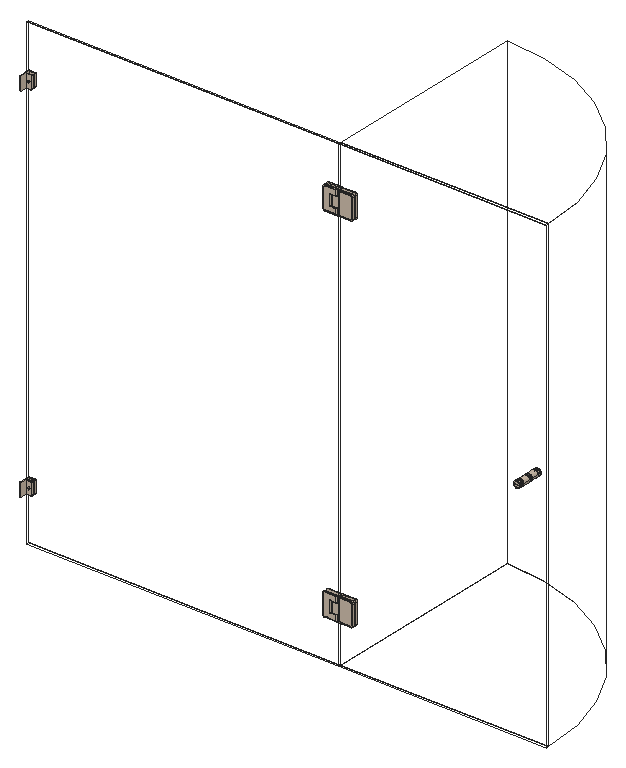
Revit family "Hardware_Glass_Nero", category Specialty Equipment, Revit 2020 (continued)
Definition of nested family "Bracket_Wall_Nero_10mmGlass_Shower_U"
  Types (9, lengths in mm): name | Type Comments | Model | ManufacturerURLProductSpecific | ManufacturerSpecCode
    Gun Metal (NRSH203aGM) | "Bracket - Wall - Shower - U - Gun Metal" | "NRSH203aGM" | "https://nerotapware.com.au/product/shower-u-bracket-10mm-glass-gun-metal-nrsh203agm/" | "NRSH203aGM"
    Brushed Nickel (NRSH203aBN) | "Bracket - Wall - Shower - U - Brushed Nickel" | "NRSH203aBN" | "https://nerotapware.com.au/product/shower-u-bracket-10mm-glass-brushed-nickel-nrsh203abn/" | "NRSH203aBN"
    Matte Black (NRSH203aMB) | "Bracket - Wall - Shower - U - Matte Black" | "NRSH203aMB" | "https://nerotapware.com.au/product/shower-u-bracket-10mm-glass-brushed-nickel-nrsh203abn/" | "NRSH203aMB"
  Reference planes
    plane 1 "Ref. Level": z = 0
    plane 2 "Front": y = 128.75
    plane 3 "Back": y = 152.75
    plane 4 "Bottom": z = 875
    plane 5 "Top": z = 925
    plane 6 "Right": x = 20
    plane 7 "Left": x = 0
    plane 8 "Center (Left/Right)": x = 10
    plane 9 "PanelEnd": y = 149.75
    plane 10 "Center (Elevation)": z = 900
  Forms (mm)
    Extrusion 1, solid, material <- "BodyMaterial"
      sketch origin (0, 0, 925) x (0, -1, 0) y (1, 0, 0)
        loop
          line (-152.75, 20) -> (-152.75, 0) -> (-128.75, 0) -> (-128.75, 4) -> (-149.75, 4) -> (-149.75, 16) -> (-128.75, 16) -> (-128.75, 20) -> (-152.75, 20)
      from 0 to -50
    Extrusion 2, void
      sketch origin (-900, 157.75, 900) x (0, 0, -1) y (-1, 0, 0)
        loop
          circle (0, -910) r 4.5
      from -10.453 to -4.5
    Extrusion 3, void
      sketch origin (0, 0, 900) x (0, 0, -1) y (0, -1, 0)
        loop
          circle (0, -138.75) r 4.5
      from -5 to 5
    Extrusion 4, void
      sketch origin (20, 0, 0) x (0, -1, 0) y (0, 0, -1)
        loop
          line (-132, -925) -> (-128.75, -925) -> (-128.75, -921.75)
          arc (-128.75, -921.75) -> (-129.702, -924.048) -> (-132, -925) r 3.25
        loop
          line (-128.75, -875) -> (-132, -875)
          arc (-132, -875) -> (-129.702, -875.952) -> (-128.75, -878.25) r 3.25
          line (-128.75, -878.25) -> (-128.75, -875)
      from -23 to 2
  Cuts and joins
    Extrusion 2, Extrusion 3, Extrusion 4 cuts Extrusion 1
  Lines and regions (mm)
    Masking region 1
      outline origin (0, 0, 925) x (0, -1, 0) y (1, 0, 0)
        loop
          line (-152.75, 0) -> (-128.75, 0) -> (-128.75, 4) -> (-149.75, 4) -> (-149.75, 16) -> (-128.75, 16) -> (-128.75, 20) -> (-152.75, 20) -> (-152.75, 0)
  Text (mm)
    text "Disclaimer:\nDue to ongoing product development and manufacturing \nevolution, product details are subject to change without \nnotice. Please refer to product technical data sheets on \nthe manufacturers website for the most current product \ninformation. Please allow a +/- 5mm manufacturing \ntolerance for dimensions and set-outs shown in product \nliterature." at (288.846, 326.243, 0), in view "Ref. Level"
  Dimensions and locks
    "ManufacturerOverallDepth": plane 3 "Back" to plane 2 "Front"
    "ManufacturerOverallHeight": plane 5 "Top" to plane 4 "Bottom"
    "ManufacturerOverallWidth": plane 7 "Left" to plane 6 "Right"
    equal spacing: plane 7 "Left", plane 8 "Center (Left/Right)", plane 6 "Right"
    "ManufacturerHeightFromFFL": plane 10 "Center (Elevation)" to plane 1 "Ref. Level"
    locked: plane 9 "PanelEnd" to plane 3 "Back" at 3
    equal spacing: plane 5 "Top", plane 10 "Center (Elevation)", plane 4 "Bottom"
    aligned and locked: level to plane 1 "Ref. Level"
  Automatic sketch dimensions
    plane 2 "Front" to Extrusion 3 sketch curve = 10 mm
    Extrusion 2 sketch curve to plane 4 "Bottom" = 25 mm
    Extrusion 3 sketch curve to plane 4 "Bottom" = 25 mm
    Extrusion 2 sketch curve to plane 6 "Right" = 10 mm
    Extrusion 4 sketch curve to plane 3 "Back" = 20.75 mm  (x2)
    plane 4 "Bottom" to Extrusion 4 sketch curve = 0 mm  (x2)
    Extrusion 4 sketch curve to plane 2 "Front" = 3.25 mm
    Extrusion 4 sketch curve to Extrusion 4 sketch curve = 0 mm
    Extrusion 4 sketch curve to plane 2 "Front" = 0 mm  (x4)
    Extrusion 4 sketch curve to Extrusion 4 sketch curve = 43.5 mm
    plane 5 "Top" to Extrusion 4 sketch curve = 0 mm  (x2)
    Extrusion 4 sketch curve to Extrusion 4 sketch curve = 3.25 mm
    plane 3 "Back" to Masking region 1 sketch curve = 0 mm
    Masking region 1 sketch curve to plane 2 "Front" = 0 mm  (x2)
    Masking region 1 sketch curve to plane 7 "Left" = 0 mm
    Masking region 1 sketch curve to plane 6 "Right" = 0 mm
    plane 3 "Back" to Masking region 1 sketch curve = 3 mm
    Masking region 1 sketch curve to plane 7 "Left" = 4 mm
    Masking region 1 sketch curve to plane 6 "Right" = 4 mm
    plane 3 "Back" to Extrusion 1 sketch curve = 0 mm
    Extrusion 1 sketch curve to plane 2 "Front" = 0 mm  (x2)
    Extrusion 1 sketch curve to plane 7 "Left" = 0 mm
    Extrusion 1 sketch curve to plane 6 "Right" = 0 mm
    plane 3 "Back" to Extrusion 1 sketch curve = 3 mm
    Extrusion 1 sketch curve to plane 7 "Left" = 4 mm
    Extrusion 1 sketch curve to plane 6 "Right" = 4 mm
    radius of Extrusion 2 sketch curve = 4.5 mm
    radius of Extrusion 3 sketch curve = 4.5 mm
Definition of nested family "Hinge_Wall_Nero_10mmGlass_Shower_90Deg"
  Parameters (values of type "Matte Black (NRSH101aMB)")
    Uniclass2015Version = "Products v1.28"
    Uniclass2015Title = "Hinges and hanging hardware"
    Uniclass2015Code = "Pr_30_36_36"
    URL = "https://nerotapware.com.au/"
    Type Comments = "Hinge - Wall - Shower - 90Deg - Matte Black"
    ModifiedIssue = 20240430  # constant formula
    Model = ManufacturerSpecCode  # "NRSH101aMB"
    Default Elevation = 0 mm
    BodyMaterial [instance] = none
    ManufacturerURLProductSpecific = "https://nerotapware.com.au/product/90-degree-glass-to-wall-shower-hinge-10mm-glass-brushed-nickel-nrsh101abn/"
    ManufacturerSpecCode = "NRSH101aMB"
    ManufacturerOverallWidth = 41 mm  # constant formula
    ManufacturerOverallHeight = 90 mm  # constant formula
    ManufacturerOverallDepth = 63 mm  # constant formula
    ManufacturerHeightFromFFL [instance] = 900 mm
    Manufacturer = "Nero"
    IfcExportType = "NOTDEFINED"
    IfcExportAs = "IfcFurniture"
    Description = "90 Degree Glass to Wall Shower\r\nHinge 10mm Glass"
    CreatedByURL = "https://igsgroup.com.au"
    CreatedBy = "IGS BIM Solutions"  # constant formula
    Assembly Code = "C1030210"
  Types (9, lengths in mm): name | Type Comments | Model | ManufacturerURLProductSpecific | ManufacturerSpecCode
    Gun Metal (NRSH101GM) | "Hinge - Wall - Shower - 90Deg - Gun Metal" | "NRSH101GM" | "https://nerotapware.com.au/product/90-degree-glass-to-wall-shower-hinge-10mm-glass-gm-nrsh101gm/" | "NRSH101GM"
    Brushed Bronze (NRSH101BZ) | "Hinge - Wall - Shower - 90Deg - Brushed Bronze" | "NRSH101BZ" | "https://nerotapware.com.au/product/90-degree-glass-to-wall-shower-hinge-10mm-glass-bz-nrsh101bz/" | "NRSH101BZ"
    Brushed Gold (NRSH101BG) | "Hinge - Wall - Shower - 90Deg - Brushed Gold" | "NRSH101BG" | "https://nerotapware.com.au/product/90-degree-glass-to-wall-shower-hinge-10mm-glass-bg-nrsh101bg/" | "NRSH101BG"
    Chrome (NRSH101aCH) | "Hinge - Wall - Shower - 90Deg - Chrome" | "NRSH101aCH" | "https://nerotapware.com.au/product/90-degree-glass-to-wall-shower-hinge-10mm-glass-chrome-nrsh101ach/" | "NRSH101aCH"
    Brushed Gold (NRSH101aBG) | "Hinge - Wall - Shower - 90Deg - Brushed Gold" | "NRSH101aBG" | "https://nerotapware.com.au/product/90-degree-glass-to-wall-shower-hinge-10mm-glass-chrome-nrsh101ach/" | "NRSH101aBG"
    Brushed Bronze (NRSH101aBZ) | "Hinge - Wall - Shower - 90Deg - Brushed Bronze" | "NRSH101aBZ" | "https://nerotapware.com.au/product/90-degree-glass-to-wall-shower-hinge-10mm-glass-brushed-bronze-nrsh101abz/" | "NRSH101aBZ"
    Gun Metal (NRSH101aGM) | "Hinge - Wall - Shower - 90Deg - Gun Metal" | "NRSH101aGM" | "https://nerotapware.com.au/product/90-degree-glass-to-wall-shower-hinge-10mm-glass-gun-metal-nrsh101agm/\r\nhttps://nerotapware.com.au/product/90-degree-glass-to-wall-shower-hinge-10mm-glass-gun-metal-nrsh101agm/" | "NRSH101aGM"
    Brushed Nickel (NRSH101aBN) | "Hinge - Wall - Shower - 90Deg - Brushed Nickel" | "NRSH101aBN" | "https://nerotapware.com.au/product/90-degree-glass-to-wall-shower-hinge-10mm-glass-brushed-nickel-nrsh101abn/" | "NRSH101aBN"
    Matte Black (NRSH101aMB) | "Hinge - Wall - Shower - 90Deg - Matte Black" | "NRSH101aMB" | "https://nerotapware.com.au/product/90-degree-glass-to-wall-shower-hinge-10mm-glass-brushed-nickel-nrsh101abn/" | "NRSH101aMB"
  Reference planes
    plane 1 "Ref. Level": z = 0
    plane 2 "Back": y = 213.75
    plane 3 "Front": y = 150.75
    plane 4 "Left": x = 12
    plane 5 "Right": x = 53
    plane 6 "Bottom": z = 855
    plane 7 "Top": z = 945
    plane 8 "Center (Elevation)": z = 900
    plane 9 "PanelCenter": x = 42
    plane 10 "BackOffset": y = 210.75
  Forms (mm)
    Extrusion 1, solid, material <- "BodyMaterial"
      sketch origin (31, 0, 931) x (0, 0, -1) y (0, -1, 0)
        loop
          line (-14, -213.75) -> (76, -213.75) -> (76, -210.75) -> (-14, -210.75) -> (-14, -213.75)
      from -20 to 19
    Sweep 2, solid, material <- "BodyMaterial"
      path origin (31, 0, 931) x (0, 0, -1) y (0, -1, 0)
        loop
          line (9, -202.25) -> (-10.5, -202.25) -> (-10.5, -158.25)
          arc (-10.5, -158.25) -> (-9.328, -155.422) -> (-6.5, -154.25) r 4
          line (-6.5, -154.25) -> (68.5, -154.25)
          arc (68.5, -154.25) -> (71.328, -155.422) -> (72.5, -158.25) r 4
          line (72.5, -158.25) -> (72.5, -202.25) -> (53, -202.25)
      profile origin (31, 202.25, 931.75) x (0, 1, 0) y (-1, 0, 0)
        loop
          line (0, -22) -> (3.5, -20) -> (3.5, -17) -> (-1, -17) -> (-1, -22) -> (0, -22)
        loop
          line (0, 0) -> (0, -5) -> (3.5, -5) -> (3.5, -2) -> (0, 0)
    Extrusion 3, solid, material <- "BodyMaterial"
      sketch origin (31, 0, 931) x (0, 0, -1) y (0, -1, 0)
        loop
          line (68.5, -154.25) -> (-6.5, -154.25)
          arc (-6.5, -154.25) -> (-9.328, -155.422) -> (-10.5, -158.25) r 4
          line (-10.5, -158.25) -> (-10.5, -202.25) -> (9, -202.25) -> (9, -176.75) -> (53, -176.75) -> (53, -202.25) -> (72.5, -202.25) -> (72.5, -158.25)
          arc (72.5, -158.25) -> (71.328, -155.422) -> (68.5, -154.25) r 4
      from -6 to 0
    Extrusion 4, solid, material <- "BodyMaterial"
      sketch origin (31, 0, 931) x (0, 0, -1) y (0, -1, 0)
        loop
          line (68.5, -154.25) -> (-6.5, -154.25)
          arc (-6.5, -154.25) -> (-9.328, -155.422) -> (-10.5, -158.25) r 4
          line (-10.5, -158.25) -> (-10.5, -202.25) -> (9, -202.25) -> (9, -176.75) -> (53, -176.75) -> (53, -202.25) -> (72.5, -202.25) -> (72.5, -158.25)
          arc (72.5, -158.25) -> (71.328, -155.422) -> (68.5, -154.25) r 4
      from -22 to -17
    Extrusion 5, solid, material <- "BodyMaterial"
      sketch origin (0, 0, 855) x (0, -1, 0) y (1, 0, 0)
        loop
          line (-210.75, 50) -> (-210.75, 35) -> (-185.749, 35)
          arc (-185.749, 35) -> (-178.249, 42.5) -> (-185.749, 50) r 7.5
          line (-185.749, 50) -> (-210.75, 50)
        loop
          circle (-185.749, 42.5) r 6
      from 24 to 66
    Extrusion 6, solid, material <- "BodyMaterial"
      sketch origin (31, 0, 0) x (0, 1, 0) y (0, 0, 1)
        loop
          line (202.25, 927.9) -> (188.55, 927.9) -> (188.55, 922) -> (202.25, 922) -> (202.25, 927.9)
        loop
          line (176.75, 922) -> (182.75, 922) -> (182.75, 927.9) -> (169, 927.9)
          arc (169, 927.9) -> (166.702, 926.948) -> (165.75, 924.65) r 3.25
          line (165.75, 924.65) -> (165.75, 875.35)
          arc (165.75, 875.35) -> (166.702, 873.052) -> (169, 872.1) r 3.25
          line (169, 872.1) -> (182.75, 872.1) -> (182.75, 878) -> (176.75, 878) -> (176.75, 922)
        loop
          line (202.25, 872.1) -> (202.25, 878) -> (188.55, 878) -> (188.55, 872.1) -> (202.25, 872.1)
      from 7 to 17
  Cuts and joins
    joined: Sweep 2, Extrusion 3, Extrusion 4
  Lines and regions (mm)
    Masking region 1
      outline origin (0, 0, 945) x (0, -1, 0) y (1, 0, 0)
        loop
          line (-213.75, 12) -> (-210.75, 12) -> (-210.75, 35) -> (-205.75, 35) -> (-205.75, 33) -> (-202.25, 31) -> (-154.25, 31) -> (-150.75, 33) -> (-150.75, 36) -> (-154.25, 36) -> (-154.25, 37) -> (-180.65, 37)
          arc (-180.65, 37) -> (-180.177, 37.48) -> (-179.749, 38) r 7.5
          line (-179.749, 38) -> (-165.75, 38) -> (-165.75, 48) -> (-150.75, 48) -> (-150.75, 51) -> (-154.25, 53) -> (-202.25, 53) -> (-205.75, 51) -> (-205.75, 50) -> (-210.75, 50) -> (-210.75, 51) -> (-213.75, 51) -> (-213.75, 12)
        loop
          line (-181.78, 38) -> (-182.75, 38) -> (-182.75, 48) -> (-188.55, 48) -> (-188.55, 38) -> (-189.717, 38)
          arc (-189.717, 38) -> (-188.971, 37.439) -> (-188.147, 37) r 6
          line (-188.147, 37) -> (-183.351, 37)
          arc (-183.351, 37) -> (-182.527, 37.439) -> (-181.78, 38) r 6
    symbolic lines, detail levels medium+fine
      curve 1: line (33, 205.75, 945) -> (33, 150.75, 945)
      curve 2: line (36, 205.75, 945) -> (35, 205.75, 945)
      curve 3: line (36, 205.75, 945) -> (36, 154.25, 945)
      curve 4: line (37, 202.25, 945) -> (36, 202.25, 945)
      curve 5: line (37, 202.25, 945) -> (37, 188.147, 945)
      curve 6: line (38, 188.55, 945) -> (38, 202.25, 945)
      curve 7: line (38, 202.25, 945) -> (48, 202.25, 945)
      curve 8: line (50, 205.75, 945) -> (48, 205.75, 945)
      curve 9: line (48, 202.25, 945) -> (48, 205.75, 945)
      curve 10: line (48, 188.55, 945) -> (48, 202.25, 945)
      curve 11: line (48, 165.75, 945) -> (48, 182.75, 945)
      curve 12: line (35, 210.75, 945) -> (50, 210.75, 945)
      curve 13: line (37, 180.65, 945) -> (37, 183.351, 945)
      curve 14: line (38, 181.78, 945) -> (38, 179.749, 945)
  Text (mm)
    text "Disclaimer:\nDue to ongoing product development and manufacturing \nevolution, product details are subject to change without \nnotice. Please refer to product technical data sheets on \nthe manufacturers website for the most current product \ninformation. Please allow a +/- 5mm manufacturing \ntolerance for dimensions and set-outs shown in product \nliterature." at (325.741, 347.145, 0), in view "Ref. Level"
  Dimensions and locks
    "ManufacturerOverallDepth": plane 3 "Front" to plane 2 "Back"
    "ManufacturerOverallWidth": plane 4 "Left" to plane 5 "Right"
    "ManufacturerOverallHeight": plane 7 "Top" to plane 6 "Bottom"
    "ManufacturerHeightFromFFL": plane 8 "Center (Elevation)" to plane 1 "Ref. Level"
    equal spacing: plane 7 "Top", plane 8 "Center (Elevation)", plane 6 "Bottom"
    plane 9 "PanelCenter" to plane 5 "Right" = 11 mm
    aligned and locked: level to plane 1 "Ref. Level"
  Automatic sketch dimensions
    profile plane to Sweep 2 sketch curve = 0 mm  (x2)
    Sweep 2 sketch curve to profile plane = 0 mm
    profile plane to Sweep 2 sketch curve = 1 mm
    Sweep 2 sketch curve to profile plane = 3.5 mm  (x2)
    Sweep 2 sketch curve to profile plane = 2 mm
    Sweep 2 sketch curve to Sweep 2 sketch curve = 3 mm  (x2)
    Sweep 2 sketch curve to Sweep 2 sketch curve = 12 mm
    Sweep 2 sketch curve to Sweep 2 sketch curve = 2 mm
    plane 3 "Front" to Extrusion 3 sketch curve = 3.5 mm
    Extrusion 3 sketch curve to Extrusion 3 sketch curve = 15.5 mm  (x2)
    Extrusion 3 sketch curve to Extrusion 3 sketch curve = 19.5 mm  (x2)
    Extrusion 3 sketch curve to Extrusion 3 sketch curve = 18.5 mm
    plane 2 "Back" to Extrusion 3 sketch curve = 11.5 mm  (x2)
    plane 3 "Front" to Extrusion 4 sketch curve = 3.5 mm
    Extrusion 4 sketch curve to Extrusion 4 sketch curve = 15.5 mm  (x2)
    Extrusion 4 sketch curve to Extrusion 4 sketch curve = 18.5 mm  (x2)
    plane 2 "Back" to Extrusion 4 sketch curve = 11.5 mm  (x2)
    plane 3 "Front" to Sweep 2 sketch curve = 7.5 mm  (x2)
    Sweep 2 sketch curve to Sweep 2 sketch curve = 4 mm
    plane 2 "Back" to Sweep 2 sketch curve = 11.5 mm  (x2)
    Sweep 2 sketch curve to Sweep 2 sketch curve = 19.5 mm  (x2)
    Extrusion 1 sketch curve to plane 2 "Back" = 0 mm
    plane 2 "Back" to Extrusion 1 sketch curve = 3 mm
    plane 3 "Front" to Extrusion 6 sketch curve = 15 mm
    Extrusion 6 sketch curve to Extrusion 6 sketch curve = 3.25 mm  (x2)
    Extrusion 6 sketch curve to Extrusion 6 sketch curve = 7.75 mm
    Extrusion 6 sketch curve to Extrusion 6 sketch curve = 6 mm  (x2)
    Extrusion 6 sketch curve to Extrusion 6 sketch curve = 5.8 mm  (x2)
    plane 2 "Back" to Extrusion 6 sketch curve = 11.5 mm  (x2)
    Extrusion 6 sketch curve to Extrusion 6 sketch curve = 0 mm  (x2)
    Extrusion 6 sketch curve to Extrusion 6 sketch curve = 5.9 mm  (x2)
    Extrusion 6 sketch curve to Extrusion 6 sketch curve = 2.65 mm  (x2)
    Extrusion 4 sketch curve to Extrusion 4 sketch curve = 19.5 mm
    plane 7 "Top" to Extrusion 1 sketch curve = 0 mm
    plane 6 "Bottom" to Extrusion 1 sketch curve = 0 mm
    plane 7 "Top" to Sweep 2 sketch curve = 3.5 mm
    Sweep 2 sketch curve to plane 6 "Bottom" = 7.5 mm
    plane 7 "Top" to Extrusion 3 sketch curve = 3.5 mm
    Extrusion 3 sketch curve to plane 6 "Bottom" = 23 mm
    plane 7 "Top" to Extrusion 4 sketch curve = 3.5 mm
    Extrusion 4 sketch curve to plane 6 "Bottom" = 23 mm
    Extrusion 6 sketch curve to plane 6 "Bottom" = 17.1 mm
    plane 7 "Top" to Extrusion 6 sketch curve = 23 mm
    Extrusion 5 sketch curve to Extrusion 5 sketch curve = 0 mm  (x3)
    plane 2 "Back" to Extrusion 5 sketch curve = 3 mm
    Extrusion 5 sketch curve to Extrusion 5 sketch curve = 25.001 mm
    Extrusion 5 sketch curve to Extrusion 5 sketch curve = 7.5 mm
    Masking region 1 sketch curve to Masking region 1 sketch curve = 0 mm  (x7)
    plane 2 "Back" to Masking region 1 sketch curve = 0 mm
    Masking region 1 sketch curve to plane 4 "Left" = 0 mm
    Masking region 1 sketch curve to plane 5 "Right" = 0 mm
    Masking region 1 sketch curve to plane 3 "Front" = 0 mm  (x2)
    plane 2 "Back" to Masking region 1 sketch curve = 3 mm  (x2)
    Masking region 1 sketch curve to Masking region 1 sketch curve = 5 mm  (x2)
    Masking region 1 sketch curve to Masking region 1 sketch curve = 3.5 mm  (x2)
    Masking region 1 sketch curve to Masking region 1 sketch curve = 12.533 mm
    Masking region 1 sketch curve to plane 5 "Right" = 5 mm  (x2)
    Masking region 1 sketch curve to Masking region 1 sketch curve = 1.167 mm
    Masking region 1 sketch curve to Masking region 1 sketch curve = 0.403 mm
    Masking region 1 sketch curve to Masking region 1 sketch curve = 2.801 mm
    Masking region 1 sketch curve to Masking region 1 sketch curve = 4.796 mm
    Masking region 1 sketch curve to Masking region 1 sketch curve = 5.8 mm
    Masking region 1 sketch curve to Masking region 1 sketch curve = 0.97 mm
    Masking region 1 sketch curve to Masking region 1 sketch curve = 1.13 mm
    Masking region 1 sketch curve to Masking region 1 sketch curve = 0.901 mm
    Masking region 1 sketch curve to Masking region 1 sketch curve = 13.999 mm
    plane 3 "Front" to Masking region 1 sketch curve = 3.5 mm  (x3)
    Masking region 1 sketch curve to Masking region 1 sketch curve = 2 mm  (x3)
    Masking region 1 sketch curve to Masking region 1 sketch curve = 3 mm
    Masking region 1 sketch curve to Masking region 1 sketch curve = 1 mm  (x2)
    Masking region 1 sketch curve to plane 5 "Right" = 3 mm
    Masking region 1 sketch curve to plane 5 "Right" = 2 mm  (x2)
    curve 1 to plane 3 "Front" = 0 mm
    curve 9 to plane 5 "Right" = 5 mm
    plane 2 "Back" to curve 9 = 11.5 mm
    curve 4 to curve 6 = 0 mm
    curve 8 to curve 7 = 3.5 mm
    curve 2 to curve 4 = 3.5 mm
    curve 4 to curve 6 = 1 mm
    curve 3 to curve 4 = 1 mm
    plane 3 "Front" to curve 3 = 3.5 mm
    curve 11 to plane 5 "Right" = 5 mm
    plane 3 "Front" to curve 11 = 15 mm
    curve 14 to curve 11 = 13.999 mm
    curve 13 to curve 14 = 0.901 mm
    curve 14 to curve 13 = 1.13 mm
    curve 11 to curve 14 = 0.97 mm
    curve 13 to curve 14 = 1.571 mm
    curve 5 to curve 13 = 4.796 mm
    curve 6 to curve 5 = 0.403 mm
    curve 10 to curve 11 = 5.8 mm
    curve 1 to curve 2 = 0 mm
    plane 2 "Back" to curve 12 = 3 mm
    curve 13 to curve 14 = 1 mm
    curve 2 to curve 2 = 1 mm
    curve 12 to plane 5 "Right" = 3 mm
    curve 8 to curve 8 = 2 mm
    Extrusion 5 sketch curve to plane 9 "PanelCenter" = 7 mm
    Masking region 1 sketch curve to plane 9 "PanelCenter" = 11 mm
    Masking region 1 sketch curve to plane 9 "PanelCenter" = 5 mm  (x2)
    curve 6 to plane 9 "PanelCenter" = 4 mm
    curve 14 to plane 9 "PanelCenter" = 4 mm
    curve 12 to curve 2 = 0 mm
    curve 1 to curve 2 = 2 mm
    radius of Extrusion 5 sketch curve = 6 mm
Definition of nested family "Knob_Shower_Nero"
  Parameters (values of type "Chrome (NRSH301aCH)")
    Uniclass2015Version = "Products v1.28"
    Uniclass2015Title = "Knobs"
    Uniclass2015Code = "Pr_30_36_59_45"
    URL = "https://nerotapware.com.au/"
    Type Comments = "Knob - Shower - Chrome"
    ModifiedIssue = 20240430
    Model = ManufacturerSpecCode  # "NRSH301aCH\r\nNRSH301aCH"
    Default Elevation = 0 mm
    BodyMaterial [instance] = none
    ManufacturerURLProductSpecific = "https://nerotapware.com.au/product/round-shower-knob-chrome-nrsh301ach/"
    ManufacturerSpecCode = "NRSH301aCH\r\nNRSH301aCH"
    ManufacturerOverallWidth = 25 mm  # constant formula
    ManufacturerOverallHeight = 25 mm  # constant formula
    ManufacturerOverallDepth = 98 mm  # constant formula
    ManufacturerHeightFromFFL [instance] = 900 mm
    Manufacturer = "Nero"
    IfcExportType = "NOTDEFINED"
    IfcExportAs = "IfcFurniture"
    Description = "Round Shower Knob"
    CreatedByURL = "https://igsgroup.com.au"
    CreatedBy = "IGS BIM Solutions"  # constant formula
    Assembly Code = "C1030210"
  Types (9, lengths in mm): name | Uniclass2015Code | Type Comments | Model | ManufacturerURLProductSpecific | ManufacturerSpecCode
    Gun Metal (NRSH301GM) | "Pr_30_36_59_47" | "Knob - Shower - Gun Metal" | "NRSH301GM" | "https://nerotapware.com.au/product/round-shower-knob-gm-nrsh301gm/" | "NRSH301GM"
    Brushed Bronze (NRSH301BZ) | "Pr_30_36_59_46" | "Knob - Shower - Brushed Bronze" | "NRSH301BZ" | "https://nerotapware.com.au/product/round-shower-knob-bz-nrsh301bz/" | "NRSH301BZ"
    Brushed Gold (NRSH301BG) | "Pr_30_36_59_45" | "Knob - Shower - Brushed Gold" | "NRSH301BG" | "https://nerotapware.com.au/product/round-shower-knob-bg-nrsh301bg/" | "NRSH301BG"
    Chrome (NRSH301aCH) | "Pr_30_36_59_45" | "Knob - Shower - Chrome" | "NRSH301aCH\r\nNRSH301aCH" | "https://nerotapware.com.au/product/round-shower-knob-chrome-nrsh301ach/" | "NRSH301aCH\r\nNRSH301aCH"
    Brushed Gold (NRSH301aBG) | "Pr_30_36_59_45" | "Knob - Shower - Brushed Gold" | "NRSH301aBG" | "https://nerotapware.com.au/product/round-shower-knob-brushed-gold-nrsh301abg/" | "NRSH301aBG"
    Brushed Bronze (NRSH301aBZ) | "Pr_30_36_59_45" | "Knob - Shower - Brushed Bronze" | "NRSH301aBZ" | "https://nerotapware.com.au/product/round-shower-knob-brushed-bronze-nrsh301abz/" | "NRSH301aBZ"
    Gun Metal (NRSH301aGM) | "Pr_30_36_59_45" | "Knob - Shower - Gun Metal" | "NRSH301aGM" | "https://nerotapware.com.au/product/round-shower-knob-gun-metal-nrsh301agm/" | "NRSH301aGM"
    Matte Black (NRSH301aMB) | "Pr_30_36_59_45" | "Knob - Shower - Matte Black" | "NRSH301aMB" | "https://nerotapware.com.au/product/round-shower-knob-brushed-nickel-nrsh301abn/" | "NRSH301aMB"
    Brushed Nickel (NRSH301aBN) | "Pr_30_36_59_45" | "Knob - Shower - Brushed Nickel" | "NRSH301aBN" | "https://nerotapware.com.au/product/round-shower-knob-brushed-nickel-nrsh301abn/" | "NRSH301aBN"
  Reference planes
    plane 1 "Ref. Level": z = 0
    plane 2 "Center (Left/Right)": x = 0
    plane 3 "Left": x = -12.5
    plane 4 "Right": x = 12.5
    plane 5 "Back": y = 173.85
    plane 6 "Front": y = 75.85
    plane 7 "Bottom": z = 887.5
    plane 8 "Top": z = 912.5
    plane 9 "Center (Front/Back)": y = 124.85
    plane 10 "Center (Elevation)": z = 900
  Forms (mm)
    Revolve 1, solid, material <- "BodyMaterial"
      sketch origin (0, 0, 900) x (0, -1, 0) y (1, 0, 0)
        loop
          line (-173.85, 0) -> (-75.85, 0) -> (-75.85, 12)
          arc (-75.85, 12) -> (-75.996, 12.354) -> (-76.35, 12.5) r 0.5
          line (-76.35, 12.5) -> (-80.85, 12.5) -> (-81.469, 12.009)
          arc (-81.469, 12.009) -> (-81.85, 11.877) -> (-82.231, 12.009) r 0.613
          line (-82.231, 12.009) -> (-82.85, 12.5) -> (-88.85, 12.5) -> (-89.469, 12.009)
          arc (-89.469, 12.009) -> (-89.85, 11.877) -> (-90.23, 12.009) r 0.613
          line (-90.23, 12.009) -> (-90.85, 12.5) -> (-118.95, 12.5) -> (-118.95, 4.5) -> (-130.75, 4.5) -> (-130.75, 12.5) -> (-158.85, 12.5) -> (-159.47, 12.009)
          arc (-159.47, 12.009) -> (-159.85, 11.877) -> (-160.231, 12.009) r 0.613
          line (-160.231, 12.009) -> (-160.85, 12.5) -> (-166.85, 12.5) -> (-167.469, 12.009)
          arc (-167.469, 12.009) -> (-167.85, 11.877) -> (-168.231, 12.009) r 0.613
          line (-168.231, 12.009) -> (-168.85, 12.5) -> (-173.35, 12.5)
          arc (-173.35, 12.5) -> (-173.704, 12.354) -> (-173.85, 12) r 0.5
          line (-173.85, 12) -> (-173.85, 0)
        axis (-75.85, 0) -> (-173.85, 0)
      angle from 0 to 360
    Revolve 2, solid
      sketch origin (0, 0, 900) x (0, -1, 0) y (1, 0, 0)
        loop
          line (-130.75, 12.5) -> (-130.75, 4.5) -> (-129.85, 4.5) -> (-129.85, 12.5) -> (-130.75, 12.5)
        loop
          line (-118.95, 4.5) -> (-118.95, 12.5) -> (-119.85, 12.5) -> (-119.85, 4.5) -> (-118.95, 4.5)
        axis (-118.95, 0) -> (-130.75, 0)
      angle from 0 to 360
  Lines and regions (mm)
    Masking region 1
      outline origin (0, 0, 912.5) x (0, -1, 0) y (1, 0, 0)
        loop
          line (-129.85, 4.5) -> (-129.85, 12.5) -> (-158.85, 12.5) -> (-159.478, 12.002)
          arc (-159.478, 12.002) -> (-159.85, 11.873) -> (-160.223, 12.002) r 0.599
          line (-160.223, 12.002) -> (-160.85, 12.5) -> (-166.85, 12.5) -> (-167.478, 12.002)
          arc (-167.478, 12.002) -> (-167.85, 11.873) -> (-168.222, 12.002) r 0.599
          line (-168.222, 12.002) -> (-168.85, 12.5) -> (-173.35, 12.5)
          arc (-173.35, 12.5) -> (-173.704, 12.354) -> (-173.85, 12) r 0.5
          line (-173.85, 12) -> (-173.85, -12)
          arc (-173.85, -12) -> (-173.704, -12.354) -> (-173.35, -12.5) r 0.5
          line (-173.35, -12.5) -> (-168.85, -12.5) -> (-168.222, -12.002)
          arc (-168.222, -12.002) -> (-167.85, -11.873) -> (-167.478, -12.002) r 0.599
          line (-167.478, -12.002) -> (-166.85, -12.5) -> (-160.85, -12.5) -> (-160.223, -12.002)
          arc (-160.223, -12.002) -> (-159.85, -11.873) -> (-159.478, -12.002) r 0.599
          line (-159.478, -12.002) -> (-158.85, -12.5) -> (-129.85, -12.5) -> (-129.85, -4.5) -> (-119.85, -4.5) -> (-119.85, -12.5) -> (-90.85, -12.5) -> (-90.222, -12.002)
          arc (-90.222, -12.002) -> (-89.85, -11.873) -> (-89.477, -12.002) r 0.599
          line (-89.477, -12.002) -> (-88.85, -12.5) -> (-82.85, -12.5) -> (-82.222, -12.002)
          arc (-82.222, -12.002) -> (-81.85, -11.873) -> (-81.478, -12.002) r 0.599
          line (-81.478, -12.002) -> (-80.85, -12.5) -> (-76.35, -12.5)
          arc (-76.35, -12.5) -> (-75.996, -12.354) -> (-75.85, -12) r 0.5
          line (-75.85, -12) -> (-75.85, 12)
          arc (-75.85, 12) -> (-75.996, 12.354) -> (-76.35, 12.5) r 0.5
          line (-76.35, 12.5) -> (-80.85, 12.5) -> (-81.478, 12.002)
          arc (-81.478, 12.002) -> (-81.85, 11.873) -> (-82.222, 12.002) r 0.599
          line (-82.222, 12.002) -> (-82.85, 12.5) -> (-88.85, 12.5) -> (-89.477, 12.002)
          arc (-89.477, 12.002) -> (-89.85, 11.873) -> (-90.222, 12.002) r 0.599
          line (-90.222, 12.002) -> (-90.85, 12.5) -> (-119.85, 12.5) -> (-119.85, 4.5) -> (-129.85, 4.5)
    symbolic lines, detail levels medium+fine
      curve 1: line (-12.5, 166.85, 912.5) -> (12.5, 166.85, 912.5)
      curve 2: line (-12.5, 168.85, 912.5) -> (12.5, 168.85, 912.5)
      curve 3: line (-12.5, 160.85, 912.5) -> (12.5, 160.85, 912.5)
      curve 4: line (-12.5, 158.85, 912.5) -> (12.5, 158.85, 912.5)
      curve 5: line (-12.5, 130.75, 912.5) -> (12.5, 130.75, 912.5)
      curve 6: line (-12.5, 118.95, 912.5) -> (12.5, 118.95, 912.5)
      curve 7: line (-12.5, 90.85, 912.5) -> (12.5, 90.85, 912.5)
      curve 8: line (-12.5, 88.85, 912.5) -> (12.5, 88.85, 912.5)
      curve 9: line (-12.5, 82.85, 912.5) -> (12.5, 82.85, 912.5)
      curve 10: line (-12.5, 80.85, 912.5) -> (12.5, 80.85, 912.5)
      curve 11: line (-4.5, 129.85, 912.5) -> (4.5, 129.85, 912.5)
      curve 12: line (4.5, 119.85, 912.5) -> (-4.5, 119.85, 912.5)
  Text (mm)
    text "Disclaimer:\nDue to ongoing product development and manufacturing \nevolution, product details are subject to change without \nnotice. Please refer to product technical data sheets on \nthe manufacturers website for the most current product \ninformation. Please allow a +/- 5mm manufacturing \ntolerance for dimensions and set-outs shown in product \nliterature." at (246.44, 300.092, 0), in view "Ref. Level"
  Dimensions and locks
    equal spacing: plane 3 "Left", plane 2 "Center (Left/Right)", plane 4 "Right"
    "ManufacturerOverallWidth": plane 3 "Left" to plane 4 "Right"
    "ManufacturerOverallDepth": plane 5 "Back" to plane 6 "Front"
    "ManufacturerOverallHeight": plane 8 "Top" to plane 7 "Bottom"
    "ManufacturerHeightFromFFL": plane 10 "Center (Elevation)" to plane 1 "Ref. Level"
    equal spacing: plane 6 "Front", plane 9 "Center (Front/Back)", plane 5 "Back"
    equal spacing: plane 8 "Top", plane 10 "Center (Elevation)", plane 7 "Bottom"
    aligned and locked: level to plane 1 "Ref. Level"
  Automatic sketch dimensions
    Revolve 2 sketch curve to plane 2 "Center (Left/Right)" = 0 mm
    Revolve 2 sketch curve to plane 4 "Right" = 0 mm  (x2)
    plane 9 "Center (Front/Back)" to Revolve 2 sketch curve = 5.9 mm
    Revolve 2 sketch curve to Revolve 2 sketch curve = 0.9 mm  (x2)
    Revolve 2 sketch curve to plane 9 "Center (Front/Back)" = 5 mm
    plane 2 "Center (Left/Right)" to Revolve 2 sketch curve = 4.5 mm  (x2)
    Revolve 2 sketch curve to Revolve 2 sketch curve = 6.433 mm
    Revolve 2 sketch curve to Revolve 2 sketch curve = 4.601 mm
    Revolve 1 sketch curve to plane 2 "Center (Left/Right)" = 0 mm  (x2)
    plane 5 "Back" to Revolve 1 sketch curve = 0 mm  (x2)
    Revolve 1 sketch curve to plane 4 "Right" = 0 mm  (x6)
    Revolve 1 sketch curve to plane 6 "Front" = 0 mm
    Revolve 1 sketch curve to Revolve 1 sketch curve = 0.5 mm
    Revolve 1 sketch curve to Revolve 1 sketch curve = 4.5 mm
    plane 4 "Right" to Revolve 1 sketch curve = 0.491 mm  (x8)
    Revolve 1 sketch curve to Revolve 1 sketch curve = 0.619 mm  (x8)
    plane 4 "Right" to Revolve 1 sketch curve = 0.011 mm  (x4)
    Revolve 1 sketch curve to Revolve 1 sketch curve = 0.381 mm  (x4)
    Revolve 1 sketch curve to Revolve 1 sketch curve = 6 mm  (x2)
    Revolve 1 sketch curve to plane 9 "Center (Front/Back)" = 5.9 mm
    plane 9 "Center (Front/Back)" to Revolve 1 sketch curve = 5.9 mm
    plane 6 "Front" to Revolve 1 sketch curve = 15 mm
    plane 6 "Front" to Revolve 1 sketch curve = 0.5 mm
    plane 2 "Center (Left/Right)" to Revolve 1 sketch curve = 4.5 mm
    Revolve 1 sketch curve to Revolve 1 sketch curve = 8.767 mm
    curve 2 to plane 3 "Left" = 0 mm
    curve 2 to plane 4 "Right" = 0 mm
    curve 1 to plane 4 "Right" = 0 mm
    curve 1 to plane 3 "Left" = 0 mm
    curve 3 to plane 4 "Right" = 0 mm
    curve 3 to plane 3 "Left" = 0 mm
    curve 4 to plane 3 "Left" = 0 mm
    curve 4 to plane 4 "Right" = 0 mm
    curve 5 to plane 4 "Right" = 0 mm
    curve 5 to plane 3 "Left" = 0 mm
    curve 6 to plane 3 "Left" = 0 mm
    curve 6 to plane 4 "Right" = 0 mm
    curve 7 to plane 4 "Right" = 0 mm
    curve 7 to plane 3 "Left" = 0 mm
    curve 8 to plane 4 "Right" = 0 mm
    curve 8 to plane 3 "Left" = 0 mm
    curve 9 to plane 4 "Right" = 0 mm
    curve 9 to plane 3 "Left" = 0 mm
    curve 10 to plane 4 "Right" = 0 mm
    curve 10 to plane 3 "Left" = 0 mm
    plane 5 "Back" to curve 2 = 5 mm
    curve 2 to curve 1 = 2 mm
    curve 1 to curve 3 = 6 mm
    curve 3 to curve 4 = 2 mm
    curve 11 to plane 9 "Center (Front/Back)" = 5 mm
    plane 9 "Center (Front/Back)" to curve 12 = 5 mm
    plane 9 "Center (Front/Back)" to curve 6 = 5.9 mm
    plane 6 "Front" to curve 7 = 15 mm
    curve 7 to curve 8 = 2 mm
    curve 8 to curve 9 = 6 mm
    curve 9 to curve 10 = 2 mm
    curve 11 to plane 2 "Center (Left/Right)" = 4.5 mm
    curve 12 to plane 2 "Center (Left/Right)" = 4.5 mm
    plane 2 "Center (Left/Right)" to curve 11 = 4.5 mm
    plane 2 "Center (Left/Right)" to curve 12 = 4.5 mm
    plane 5 "Back" to Masking region 1 sketch curve = 0 mm
    Masking region 1 sketch curve to plane 3 "Left" = 0 mm  (x6)
    Masking region 1 sketch curve to plane 4 "Right" = 0 mm  (x6)
    Masking region 1 sketch curve to plane 6 "Front" = 0 mm
    Masking region 1 sketch curve to Masking region 1 sketch curve = 0.5 mm  (x2)
    plane 3 "Left" to Masking region 1 sketch curve = 0.5 mm
    Masking region 1 sketch curve to Masking region 1 sketch curve = 4.5 mm  (x2)
    plane 3 "Left" to Masking region 1 sketch curve = 0.498 mm  (x8)
    Masking region 1 sketch curve to Masking region 1 sketch curve = 0.628 mm  (x16)
    plane 4 "Right" to Masking region 1 sketch curve = 0.498 mm  (x8)
    plane 3 "Left" to Masking region 1 sketch curve = 0.028 mm  (x4)
    Masking region 1 sketch curve to Masking region 1 sketch curve = 0.372 mm  (x8)
    plane 4 "Right" to Masking region 1 sketch curve = 0.028 mm  (x4)
    Masking region 1 sketch curve to Masking region 1 sketch curve = 6 mm  (x4)
    Masking region 1 sketch curve to plane 9 "Center (Front/Back)" = 5 mm  (x2)
    plane 9 "Center (Front/Back)" to Masking region 1 sketch curve = 5 mm  (x2)
    plane 6 "Front" to Masking region 1 sketch curve = 15 mm  (x2)
    plane 6 "Front" to Masking region 1 sketch curve = 0.5 mm
    Masking region 1 sketch curve to plane 2 "Center (Left/Right)" = 4.5 mm
    plane 2 "Center (Left/Right)" to Masking region 1 sketch curve = 4.5 mm
    curve 5 to plane 9 "Center (Front/Back)" = 5.9 mm
Definition of nested family "Knob_Shower_Nero_SquareHandle"
  Parameters (values of type "Chrome (NRSH302aCH)")
    Uniclass2015Version = "Products v1.28"
    Uniclass2015Title = "Knobs"
    Uniclass2015Code = "Pr_30_36_59_48"
    URL = "https://nerotapware.com.au/"
    Type Comments = "Knob - Shower - Chrome"
    ModifiedIssue = 20240430
    Model = ManufacturerSpecCode  # "NRSH302aCH"
    Default Elevation = 0 mm
    BodyMaterial [instance] = none
    ManufacturerURLProductSpecific = "https://nerotapware.com.au/product/square-shower-knob-handle-chrome-nrsh302ach/"
    ManufacturerSpecCode = "NRSH302aCH"
    ManufacturerOverallWidth = 70 mm  # constant formula
    ManufacturerOverallHeight = 50 mm  # constant formula
    ManufacturerOverallDepth = 60.4 mm  # constant formula
    ManufacturerHeightFromFFL [instance] = 900 mm
    Manufacturer = "Nero"
    IfcExportType = "NOTDEFINED"
    IfcExportAs = "IfcFurniture"
    Description = "Square Shower Knob Handle"
    CreatedByURL = "https://igsgroup.com.au"
    CreatedBy = "IGS BIM Solutions"  # constant formula
    Assembly Code = "C1030210"
  Types (9, lengths in mm): name | Uniclass2015Code | Type Comments | Model | ManufacturerURLProductSpecific | ManufacturerSpecCode
    Gun Metal (NRSH302GM) | "Pr_30_36_59_50" | "Knob - Shower - Gun Metal" | "NRSH302GM" | "https://nerotapware.com.au/product/square-shower-knob-handle-gm-nrsh302gm/" | "NRSH302GM"
    Brushed Bronze (NRSH302BZ) | "Pr_30_36_59_49" | "Knob - Shower - Brushed Bronze" | "NRSH302BZ" | "https://nerotapware.com.au/product/square-shower-knob-handle-bz-nrsh302bz/" | "NRSH302BZ"
    Brushed Gold (NRSH302BG) | "Pr_30_36_59_48" | "Knob - Shower - Brushed Gold" | "NRSH302BG" | "https://nerotapware.com.au/product/square-shower-knob-handle-bg-nrsh302bg/" | "NRSH302BG"
    Chrome (NRSH302aCH) | "Pr_30_36_59_48" | "Knob - Shower - Chrome" | "NRSH302aCH" | "https://nerotapware.com.au/product/square-shower-knob-handle-chrome-nrsh302ach/" | "NRSH302aCH"
    Brushed Gold (NRSH302aBG) | "Pr_30_36_59_48" | "Knob - Shower - Brushed Gold" | "NRSH302aBG" | "https://nerotapware.com.au/product/square-shower-knob-handle-brushed-gold-nrsh302abg/" | "NRSH302aBG"
    Brushed Bronze (NRSH302aBZ) | "Pr_30_36_59_48" | "Knob - Shower - Brushed Bronze" | "NRSH302aBZ" | "https://nerotapware.com.au/product/square-shower-knob-handle-brushed-bronze-nrsh302abz/" | "NRSH302aBZ"
    Gun Metal (NRSH302aGM) | "Pr_30_36_59_48" | "Knob - Shower - Gun Metal" | "NRSH302aGM" | "https://nerotapware.com.au/product/square-shower-knob-handle-gun-metal-nrsh302agm/" | "NRSH302aGM"
    Brushed Nickel (NRSH302aBN) | "Pr_30_36_59_48" | "Knob - Shower - Brushed Nickel" | "NRSH302aBN" | "https://nerotapware.com.au/product/square-shower-knob-handle-brushed-nickel-nrsh302abn/" | "NRSH302aBN"
    Matte Black (NRSH302aMB) | "Pr_30_36_59_48" | "Knob - Shower - Matte Black" | "NRSH302aMB" | "https://nerotapware.com.au/product/square-shower-knob-handle-matte-black-nrsh302amb/" | "NRSH302aMB"
  Reference planes
    plane 1 "Ref. Level": z = 0
    plane 2 "Left": x = -35
    plane 3 "Right": x = 35
    plane 4 "Back": y = 155.05
    plane 5 "Front": y = 94.65
    plane 6 "Bottom": z = 875
    plane 7 "Top": z = 925
    plane 8 "Center (Front/Back)": y = 124.85
    plane 9 "Center (Elevation)": z = 900
    plane 10 "KnobCenter": x = -19
  Forms (mm)
    Extrusion 1, solid, material <- "BodyMaterial"
      sketch origin (0, 0, 925) x (0, -1, 0) y (1, 0, 0)
        loop
          arc (-155.05, -33) -> (-154.464, -34.414) -> (-153.05, -35) r 2
          line (-153.05, -35) -> (-131.05, -35) -> (-131.05, -4) -> (-147.55, -4)
          arc (-147.55, -4) -> (-148.611, -3.561) -> (-149.05, -2.5) r 1.5
          line (-149.05, -2.5) -> (-149.05, 34)
          arc (-149.05, 34) -> (-149.343, 34.707) -> (-150.05, 35) r 1
          line (-150.05, 35) -> (-153.05, 35)
          arc (-153.05, 35) -> (-154.464, 34.414) -> (-155.05, 33) r 2
          line (-155.05, 33) -> (-155.05, -33)
        loop
          line (-94.65, -33) -> (-94.65, 33)
          arc (-94.65, 33) -> (-95.236, 34.414) -> (-96.65, 35) r 2
          line (-96.65, 35) -> (-99.65, 35)
          arc (-99.65, 35) -> (-100.357, 34.707) -> (-100.65, 34) r 1
          line (-100.65, 34) -> (-100.65, -2.5)
          arc (-100.65, -2.5) -> (-101.089, -3.561) -> (-102.15, -4) r 1.5
          line (-102.15, -4) -> (-118.65, -4) -> (-118.65, -35) -> (-96.65, -35)
          arc (-96.65, -35) -> (-95.236, -34.414) -> (-94.65, -33) r 2
      from -50 to 0
    Extrusion 2, void
      sketch origin (0, 94.65, 0) x (1, 0, 0) y (0, 0, -1)
        loop
          circle (-19, -913) r 5.75
        loop
          circle (-19, -887) r 5.75
        loop
          circle (-19, -913) r 5.55
        loop
          circle (-19, -887) r 5.55
      from 0 to 1.442
    Extrusion 3, void
      sketch origin (0, 94.65, 0) x (1, 0, 0) y (0, 0, -1)
        loop
          line (-19, -915.742) -> (-16.625, -914.371) -> (-16.625, -911.629) -> (-19, -910.258) -> (-21.375, -911.629) -> (-21.375, -914.371) -> (-19, -915.742)
        loop
          line (-19, -889.742) -> (-16.625, -888.371) -> (-16.625, -885.629) -> (-19, -884.258) -> (-21.375, -885.629) -> (-21.375, -888.371) -> (-19, -889.742)
      from -1.261 to 2
    Extrusion 4, solid, material <- "BodyMaterial"
      sketch origin (0, 124.85, 0) x (1, 0, 0) y (0, 0, 1)
        loop
          circle (-19, 913) r 3.5
        loop
          circle (-19, 887) r 3.5
      from -6.2 to 6.2
    Extrusion 5, solid
      sketch origin (0, 124.85, 0) x (1, 0, 0) y (0, 0, -1)
        loop
          line (-4.2, -924.75) -> (-4.2, -875.25) -> (-34.9, -875.25) -> (-34.9, -924.75) -> (-4.2, -924.75)
        loop
          circle (-19, -913) r 3.5
        loop
          circle (-19, -887) r 3.5
      from -5 to -6
    Extrusion 6, solid
      sketch origin (0, 124.85, 0) x (1, 0, 0) y (0, 0, 1)
        loop
          line (-4.2, 924.75) -> (-34.9, 924.75) -> (-34.9, 875.25) -> (-4.2, 875.25) -> (-4.2, 924.75)
        loop
          circle (-19, 913) r 3.5
        loop
          circle (-19, 887) r 3.5
      from -5 to -6
  Cuts and joins
    Extrusion 2, Extrusion 3 cuts Extrusion 1
  Lines and regions (mm)
    Masking region 1
      outline origin (0, 0, 925) x (0, -1, 0) y (1, 0, 0)
        loop
          line (-131.05, -4) -> (-147.55, -4)
          arc (-147.55, -4) -> (-148.611, -3.561) -> (-149.05, -2.5) r 1.5
          line (-149.05, -2.5) -> (-149.05, 34)
          arc (-149.05, 34) -> (-149.343, 34.707) -> (-150.05, 35) r 1
          line (-150.05, 35) -> (-153.05, 35)
          arc (-153.05, 35) -> (-154.464, 34.414) -> (-155.05, 33) r 2
          line (-155.05, 33) -> (-155.05, -33)
          arc (-155.05, -33) -> (-154.464, -34.414) -> (-153.05, -35) r 2
          line (-153.05, -35) -> (-131.05, -35) -> (-131.05, -22.5) -> (-118.65, -22.5) -> (-118.65, -35) -> (-96.65, -35)
          arc (-96.65, -35) -> (-95.236, -34.414) -> (-94.65, -33) r 2
          line (-94.65, -33) -> (-94.65, 33)
          arc (-94.65, 33) -> (-95.236, 34.414) -> (-96.65, 35) r 2
          line (-96.65, 35) -> (-99.65, 35)
          arc (-99.65, 35) -> (-100.357, 34.707) -> (-100.65, 34) r 1
          line (-100.65, 34) -> (-100.65, -2.5)
          arc (-100.65, -2.5) -> (-101.089, -3.561) -> (-102.15, -4) r 1.5
          line (-102.15, -4) -> (-118.65, -4) -> (-118.65, -15.5) -> (-131.05, -15.5) -> (-131.05, -4)
    Masking region 2
      outline origin (0, 0, 925) x (0, -1, 0) y (1, 0, 0)
        loop
          line (-130.85, -34.9) -> (-129.85, -34.9) -> (-129.85, -4.2) -> (-130.85, -4.2) -> (-130.85, -34.9)
        loop
          line (-118.85, -34.9) -> (-118.85, -4.2) -> (-119.85, -4.2) -> (-119.85, -34.9) -> (-118.85, -34.9)
    symbolic lines, detail levels medium+fine
      curve 1: line (-15.5, 130.85, 925) -> (-22.5, 130.85, 925)
      curve 2: line (-22.5, 129.85, 925) -> (-15.5, 129.85, 925)
      curve 3: line (-15.5, 119.85, 925) -> (-22.5, 119.85, 925)
      curve 4: line (-22.5, 118.85, 925) -> (-15.5, 118.85, 925)
      curve 5: line (-22.5, 118.65, 925) -> (-15.5, 118.65, 925)
      curve 6: line (-22.5, 131.05, 925) -> (-15.5, 131.05, 925)
  Text (mm)
    text "Disclaimer:\nDue to ongoing product development and manufacturing \nevolution, product details are subject to change without \nnotice. Please refer to product technical data sheets on \nthe manufacturers website for the most current product \ninformation. Please allow a +/- 5mm manufacturing \ntolerance for dimensions and set-outs shown in product \nliterature." at (487.854, 300.092, 0), in view "Ref. Level"
  Dimensions and locks
    plane 2 "Left" to plane 3 "Right" = 70 mm
    "ManufacturerOverallWidth": plane 2 "Left" to plane 3 "Right"
    "ManufacturerOverallDepth": plane 4 "Back" to plane 5 "Front"
    "ManufacturerOverallHeight": plane 7 "Top" to plane 6 "Bottom"
    "ManufacturerHeightFromFFL": plane 9 "Center (Elevation)" to plane 1 "Ref. Level"
    equal spacing: plane 5 "Front", plane 8 "Center (Front/Back)", plane 4 "Back"
    equal spacing: plane 7 "Top", plane 9 "Center (Elevation)", plane 6 "Bottom"
    locked: plane 2 "Left" to plane 10 "KnobCenter" at 16
    aligned and locked: level to plane 1 "Ref. Level"
  Automatic sketch dimensions
    plane 4 "Back" to Extrusion 1 sketch curve = 0 mm
    Extrusion 1 sketch curve to plane 3 "Right" = 0 mm  (x2)
    Extrusion 1 sketch curve to plane 2 "Left" = 0 mm  (x2)
    Extrusion 1 sketch curve to plane 5 "Front" = 0 mm
    plane 4 "Back" to Extrusion 1 sketch curve = 2 mm
    Extrusion 1 sketch curve to Extrusion 1 sketch curve = 2 mm  (x2)
    Extrusion 1 sketch curve to Extrusion 1 sketch curve = 3 mm
    Extrusion 1 sketch curve to Extrusion 1 sketch curve = 1 mm  (x2)
    Extrusion 1 sketch curve to Extrusion 1 sketch curve = 1.5 mm
    Extrusion 1 sketch curve to plane 8 "Center (Front/Back)" = 6.2 mm
    plane 8 "Center (Front/Back)" to Extrusion 1 sketch curve = 6.2 mm
    plane 5 "Front" to Extrusion 1 sketch curve = 7.5 mm
    plane 5 "Front" to Extrusion 1 sketch curve = 2 mm
    Extrusion 2 sketch curve to Extrusion 2 sketch curve = 0 mm  (x5)
    Extrusion 2 sketch curve to plane 10 "KnobCenter" = 0 mm  (x2)
    Extrusion 3 sketch curve to plane 10 "KnobCenter" = 0 mm  (x4)
    plane 10 "KnobCenter" to Extrusion 3 sketch curve = 2.375 mm  (x2)
    Extrusion 3 sketch curve to plane 10 "KnobCenter" = 2.375 mm  (x2)
    Extrusion 3 sketch curve to Extrusion 3 sketch curve = 1.371 mm  (x6)
    Extrusion 4 sketch curve to plane 10 "KnobCenter" = 0 mm  (x2)
    Extrusion 5 sketch curve to plane 10 "KnobCenter" = 0 mm  (x2)
    plane 2 "Left" to Extrusion 5 sketch curve = 0.1 mm
    Extrusion 5 sketch curve to plane 6 "Bottom" = 0.25 mm
    plane 7 "Top" to Extrusion 5 sketch curve = 0.25 mm
    Extrusion 6 sketch curve to plane 10 "KnobCenter" = 0 mm  (x2)
    plane 2 "Left" to Extrusion 6 sketch curve = 0.1 mm
    Extrusion 6 sketch curve to plane 6 "Bottom" = 0.25 mm
    plane 7 "Top" to Extrusion 6 sketch curve = 0.25 mm
    Extrusion 1 sketch curve to Extrusion 1 sketch curve = 4 mm
    plane 10 "KnobCenter" to Extrusion 1 sketch curve = 15 mm
    Extrusion 1 sketch curve to Extrusion 1 sketch curve = 0 mm
    plane 10 "KnobCenter" to Extrusion 5 sketch curve = 14.8 mm
    plane 10 "KnobCenter" to Extrusion 6 sketch curve = 14.8 mm
    plane 4 "Back" to Masking region 1 sketch curve = 0 mm
    Masking region 1 sketch curve to plane 2 "Left" = 0 mm  (x2)
    Masking region 1 sketch curve to plane 3 "Right" = 0 mm  (x2)
    Masking region 1 sketch curve to plane 5 "Front" = 0 mm
    Masking region 1 sketch curve to Masking region 1 sketch curve = 2 mm  (x2)
    plane 4 "Back" to Masking region 1 sketch curve = 2 mm
    plane 3 "Right" to Masking region 1 sketch curve = 1 mm
    Masking region 1 sketch curve to Masking region 1 sketch curve = 3 mm
    Masking region 1 sketch curve to Masking region 1 sketch curve = 1.5 mm  (x2)
    Masking region 1 sketch curve to plane 8 "Center (Front/Back)" = 6.2 mm  (x2)
    plane 8 "Center (Front/Back)" to Masking region 1 sketch curve = 6.2 mm  (x2)
    plane 5 "Front" to Masking region 1 sketch curve = 7.5 mm
    Masking region 1 sketch curve to Masking region 1 sketch curve = 1 mm
    plane 5 "Front" to Masking region 1 sketch curve = 2 mm
    Masking region 1 sketch curve to plane 10 "KnobCenter" = 3.5 mm
    plane 10 "KnobCenter" to Masking region 1 sketch curve = 3.5 mm
    plane 10 "KnobCenter" to Masking region 1 sketch curve = 15 mm  (x2)
    Masking region 2 sketch curve to plane 8 "Center (Front/Back)" = 6 mm
    plane 2 "Left" to Masking region 2 sketch curve = 0.1 mm  (x2)
    Masking region 2 sketch curve to Masking region 2 sketch curve = 1 mm  (x2)
    plane 8 "Center (Front/Back)" to Masking region 2 sketch curve = 5 mm
    plane 10 "KnobCenter" to Masking region 2 sketch curve = 14.8 mm
    Masking region 2 sketch curve to Masking region 2 sketch curve = 0 mm
    curve 6 to plane 8 "Center (Front/Back)" = 6.2 mm
    curve 4 to plane 10 "KnobCenter" = 3.5 mm
    curve 6 to curve 1 = 0.2 mm
    curve 1 to curve 2 = 1 mm
    plane 8 "Center (Front/Back)" to curve 3 = 5 mm
    curve 3 to curve 4 = 1 mm
    curve 4 to curve 5 = 0.2 mm
    curve 1 to plane 10 "KnobCenter" = 3.5 mm
    curve 2 to curve 1 = 0 mm
    curve 5 to curve 4 = 0 mm  (x2)
    curve 3 to curve 4 = 0 mm  (x2)
    curve 6 to curve 1 = 0 mm  (x2)
    plane 10 "KnobCenter" to curve 4 = 3.5 mm
    plane 10 "KnobCenter" to curve 2 = 3.5 mm
    curve 1 to curve 2 = 0 mm
    plane 6 "Bottom" to Extrusion 2 sketch curve = 12 mm
    Extrusion 3 sketch curve to plane 9 "Center (Elevation)" = 10.258 mm
    Extrusion 3 sketch curve to Extrusion 3 sketch curve = 2.742 mm  (x4)
    Extrusion 4 sketch curve to plane 6 "Bottom" = 12 mm
    Extrusion 5 sketch curve to plane 6 "Bottom" = 12 mm
    Extrusion 6 sketch curve to plane 6 "Bottom" = 12 mm
    Extrusion 2 sketch curve to plane 7 "Top" = 12 mm
    plane 9 "Center (Elevation)" to Extrusion 3 sketch curve = 10.258 mm
    plane 7 "Top" to Extrusion 4 sketch curve = 12 mm
    plane 7 "Top" to Extrusion 5 sketch curve = 12 mm
    plane 7 "Top" to Extrusion 6 sketch curve = 12 mm
    radius of Extrusion 2 sketch curve = 5.75 mm  (x2)
    radius of Extrusion 2 sketch curve = 5.55 mm  (x2)
    radius of Extrusion 4 sketch curve = 3.5 mm  (x2)
    radius of Extrusion 5 sketch curve = 3.5 mm  (x2)
    radius of Extrusion 6 sketch curve = 3.5 mm  (x2)
Definition of nested family "Bracket_Wall_Nero_10mmGlass_Shower_F"
  Parameters (values of type "Chrome (NRSH202aCH)")
    Uniclass2015Version = "Products v1.28"
    Uniclass2015Title = "Hinges and hanging hardware"
    Uniclass2015Code = "Pr_30_36_36"
    URL = "https://nerotapware.com.au/"
    Type Comments = "Bracket - Wall - Shower - F - Chrome"
    ModifiedIssue = 20240430  # constant formula
    Model = ManufacturerSpecCode  # "NRSH202aCH"
    Default Elevation = 0 mm
    BodyMaterial [instance] = none
    ManufacturerURLProductSpecific = "https://nerotapware.com.au/product/shower-f-bracket-10mm-glass-chrome-nrsh202ach/"
    ManufacturerSpecCode = "NRSH202aCH"
    ManufacturerOverallWidth = 25 mm  # constant formula
    ManufacturerOverallHeight = 50 mm  # constant formula
    ManufacturerOverallDepth = 44 mm  # constant formula
    ManufacturerHeightFromFFL [instance] = 900 mm
    Manufacturer = "Nero"
    IfcExportType = "NOTDEFINED"
    IfcExportAs = "IfcFurniture"
    Description = "Shower F Bracket 10mm Glass"
    CreatedByURL = "https://igsgroup.com.au"
    CreatedBy = "IGS BIM Solutions"  # constant formula
    Assembly Code = "C1030210"
  Types (9, lengths in mm): name | Type Comments | Model | ManufacturerURLProductSpecific | ManufacturerSpecCode
    Gun Metal (NRSH202GM) | "Bracket - Wall - Shower - F - Gun Metal" | "NRSH202GM" | "https://nerotapware.com.au/product/shower-f-bracket-10mm-glass-gm-nrsh202gm/" | "NRSH202GM"
    Brushed Bronze (NRSH202BZ) | "Bracket - Wall - Shower - F - Brushed Bronze" | "NRSH202BZ" | "https://nerotapware.com.au/product/shower-f-bracket-10mm-glass-bz-nrsh202bz/" | "NRSH202BZ"
    Brushed Gold (NRSH202BG) | "Bracket - Wall - Shower - F - Brushed Gold" | "NRSH202BG" | "https://nerotapware.com.au/product/shower-f-bracket-10mm-glass-bg-nrsh202bg/" | "NRSH202BG"
    Chrome (NRSH202aCH) | "Bracket - Wall - Shower - F - Chrome" | "NRSH202aCH" | "https://nerotapware.com.au/product/shower-f-bracket-10mm-glass-chrome-nrsh202ach/" | "NRSH202aCH"
    Brushed Gold (NRSH202aBG) | "Bracket - Wall - Shower - F - Brushed Gold" | "NRSH202aBG" | "https://nerotapware.com.au/product/shower-f-bracket-10mm-glass-brushed-gold-nrsh202abg/" | "NRSH202aBG"
    Gun Metal (NRSH202aGM) | "Bracket - Wall - Shower - F - Gun Metal" | "NRSH202GM" | "https://nerotapware.com.au/product/shower-f-bracket-10mm-glass-brushed-bronze-nrsh202abz/" | "NRSH202GM"
    Brushed Nickel (NRSH201aBN) | "Bracket - Wall - Shower - F - Brushed Nickel" | "NRSH201aBN" | "https://nerotapware.com.au/product/shower-f-bracket-10mm-glass-brushed-nickel-nrsh202abn/" | "NRSH201aBN"
    Matte Black (NRSH202aMB) | "Bracket - Wall - Shower - F - Matte Black" | "NRSH202aMB" | "https://nerotapware.com.au/product/shower-f-bracket-10mm-glass-matte-black-nrsh202amb/" | "NRSH202aMB"
    Brushed Bronze (NRSH202aBZ) | "Bracket - Wall - Shower - F - Brushed Bronze" | "NRSH202aBZ" | "https://nerotapware.com.au/product/shower-f-bracket-10mm-glass-brushed-bronze-nrsh202abz/" | "NRSH202aBZ"
  Reference planes
    plane 1 "Ref. Level": z = 0
    plane 2 "Front": y = 128.75
    plane 3 "Right": x = 25
    plane 4 "Back": y = 172.75
    plane 5 "Top": z = 925
    plane 6 "Bottom": z = 875
    plane 7 "Left": x = 0
    plane 8 "Center (Elevation)": z = 900
    plane 9 "PanelCenter": y = 163.25
    plane 10 "PanelEnd": x = 3
  Forms (mm)
    Extrusion 1, solid, material <- "BodyMaterial"
      sketch origin (0, 0, 925) x (0, -1, 0) y (1, 0, 0)
        loop
          line (-172.75, 25) -> (-172.75, 0) -> (-128.75, 0) -> (-128.75, 4) -> (-153.75, 4) -> (-153.75, 25) -> (-157.75, 25) -> (-157.75, 3) -> (-168.75, 3) -> (-168.75, 25) -> (-172.75, 25)
      from -50 to 0
    Extrusion 2, void
      sketch origin (-900, 172.75, 900) x (0, 0, -1) y (1, 0, 0)
        loop
          arc (-25, 923) -> (-24.414, 924.414) -> (-23, 925) r 2
          line (-23, 925) -> (-25, 925) -> (-25, 923)
        loop
          line (25, 923) -> (25, 925) -> (23, 925)
          arc (23, 925) -> (24.414, 924.414) -> (25, 923) r 2
      from -2 to 22
    Extrusion 3, void
      sketch origin (0, 0, 900) x (0, 0, -1) y (0, -1, 0)
        loop
          line (-25, -128.75) -> (-25, -130.75)
          arc (-25, -130.75) -> (-24.414, -129.336) -> (-23, -128.75) r 2
          line (-23, -128.75) -> (-25, -128.75)
        loop
          line (25, -128.75) -> (23, -128.75)
          arc (23, -128.75) -> (24.414, -129.336) -> (25, -130.75) r 2
          line (25, -130.75) -> (25, -128.75)
        loop
          circle (0, -144.25) r 4.5
      from -5 to 5
    Extrusion 4, void
      sketch origin (-900, 128.75, 900) x (0, 0, -1) y (-1, 0, 0)
        loop
          circle (0, -916.5) r 4.503
      from 20 to 30
  Cuts and joins
    Extrusion 2, Extrusion 3, Extrusion 4 cuts Extrusion 1
  Lines and regions (mm)
    Masking region 1
      outline origin (0, 0, 925) x (0, -1, 0) y (1, 0, 0)
        loop
          line (-128.75, 4) -> (-153.75, 4) -> (-153.75, 25) -> (-157.75, 25) -> (-157.75, 3) -> (-168.75, 3) -> (-168.75, 25) -> (-172.75, 25) -> (-172.75, 0) -> (-128.75, 0) -> (-128.75, 4)
  Text (mm)
    text "Disclaimer:\nDue to ongoing product development and manufacturing \nevolution, product details are subject to change without \nnotice. Please refer to product technical data sheets on \nthe manufacturers website for the most current product \ninformation. Please allow a +/- 5mm manufacturing \ntolerance for dimensions and set-outs shown in product \nliterature." at (357.974, 312.268, 0), in view "Ref. Level"
  Dimensions and locks
    "ManufacturerOverallDepth": plane 4 "Back" to plane 2 "Front"
    "ManufacturerOverallHeight": plane 5 "Top" to plane 6 "Bottom"
    "ManufacturerOverallWidth": plane 7 "Left" to plane 3 "Right"
    "ManufacturerHeightFromFFL": plane 8 "Center (Elevation)" to plane 1 "Ref. Level"
    equal spacing: plane 5 "Top", plane 8 "Center (Elevation)", plane 6 "Bottom"
    aligned and locked: level to plane 1 "Ref. Level"
  Automatic sketch dimensions
    Extrusion 2 sketch curve to plane 3 "Right" = 0 mm  (x4)
    Extrusion 2 sketch curve to plane 5 "Top" = 0 mm  (x2)
    Extrusion 2 sketch curve to plane 3 "Right" = 2 mm  (x2)
    Extrusion 2 sketch curve to Extrusion 2 sketch curve = 0 mm  (x5)
    plane 5 "Top" to Extrusion 3 sketch curve = 0 mm  (x2)
    Extrusion 3 sketch curve to plane 2 "Front" = 0 mm  (x4)
    Extrusion 3 sketch curve to Extrusion 3 sketch curve = 2 mm  (x2)
    plane 2 "Front" to Extrusion 3 sketch curve = 2 mm
    plane 2 "Front" to Extrusion 3 sketch curve = 15.5 mm
    Extrusion 3 sketch curve to Extrusion 3 sketch curve = 0 mm  (x4)
    plane 3 "Right" to Extrusion 4 sketch curve = 8.5 mm
    Extrusion 2 sketch curve to Extrusion 2 sketch curve = 46 mm
    plane 5 "Top" to Extrusion 3 sketch curve = 25 mm
    Extrusion 3 sketch curve to Extrusion 3 sketch curve = 23 mm
    Extrusion 4 sketch curve to plane 5 "Top" = 25 mm
    Extrusion 1 sketch curve to plane 3 "Right" = 0 mm  (x2)
    plane 4 "Back" to Extrusion 1 sketch curve = 0 mm
    Extrusion 1 sketch curve to plane 2 "Front" = 0 mm
